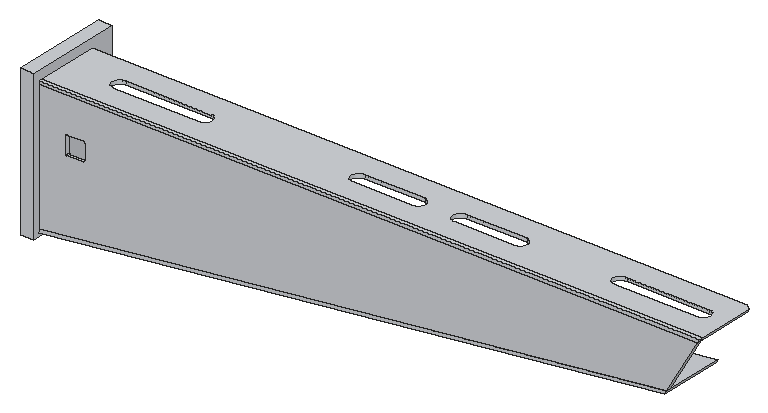
Revit family "Ausleger, Wand-und Stielausleger AW30 31 FT,FT SO,A2,A4", category Generic Models, Revit 2017
Family settings
  Can host rebar = No
  Round Connector Dimension = Use Diameter
  Part Type = Normal
  Work Plane-Based = No
  Always vertical = Yes
  Cut with Voids When Loaded = No
  Shared = No
  Room Calculation Point = No
Parameters (values of type "AW 30 31 A4")
  Width = 50 mm
  URL = "http://www.obo-bettermann.com"
  Material = Stainless steel, material A4
  Manufacturer Art.No. = "6443621"
  Manufacturer = "OBO Bettermann"
  Length = 310 mm
  Height 1 = 29.5 mm
  Height = 80 mm
  GTIN = "4012196955879"
  Article Type = "AW 30 31 A4"
Types (5, lengths in mm): name | Material | Manufacturer Art.No. | GTIN | Article Type
  (no name) | Stainless steel, material A4 | "6443621" | "4012196955879" | "AW 30 31 A4"
  AW 30 31 FT | Hot-dip galvanised | "6419747" | "4012196206773" | "AW 30 31 FT"
  AW 30 31 FT SO | Hot-dip galvanised 85 µm | "7192038" | "4012196072316" | "AW 30 31 FT SO"
  AW 30 31 A2 | Stainless steel, material A2 | "6442854" | "4012196209118" | "AW 30 31 A2"
  AW 30 31 A4 | Stainless steel, material A4 | "6443621" | "4012196955879" | "AW 30 31 A4"
Reference planes
  plane 1 "Center (Front/Back)": y = 0
  plane 2: z = 0
  plane 3 "Center (Left/Right)": x = 0
  plane 4: y = -14.219
  plane 5: y = -14.219
  plane 6: z = 55
  plane 7: z = 45
  plane 8: x = 311.444
  plane 9: y = -32.449
  plane 10: x = 17.5
  plane 11: z = 53.5
  plane 12: y = -1.449
  plane 13: x = 21.785
  plane 14: x = 68.785
  plane 15: x = 133.785
  plane 16: x = 166.5
  plane 17: x = 181.5
  plane 18: x = 216.5
  plane 19: x = 256.5
  plane 20: x = 302
  plane 21: y = -16.449
  plane 22: y = -33.719
  plane 23: z = 76
  plane 24: z = 74.5
  plane 25: y = -18.719
  plane 26: through (303.081, 0, 50.365) normal (-0.9659, 0, 0.2588)
  plane 27: through (309.978, 0, 76.003) normal (-0.9659, 0, 0.2588)
  plane 28: z = 47.709
  plane 29: z = 49.133
Forms (mm)
  Extrusion 1, solid
    sketch origin (4.134, 0, 0) x (1, 0, 0) y (0, 1, 0)
      loop
        line (-10.615, 10.781) -> (-10.615, -34.949) -> (-4.134, -34.949) -> (-4.134, 10.781) -> (-10.615, 10.781)
    from 10.051 to 80
  Extrusion 2, void
    sketch origin (0, 0, 0) x (0, 1, 0) y (0, 0, 1)
      loop
        line (-7.719, 51.5) -> (-7.719, 58.5)
        arc (-7.719, 58.5) -> (-14.219, 65) -> (-20.719, 58.5) r 6.5
        line (-20.719, 58.5) -> (-20.719, 51.5)
        arc (-20.719, 51.5) -> (-14.219, 45) -> (-7.719, 51.5) r 6.5
    from -6.481 to 0
  Extrusion 3, solid
    sketch origin (0, 0, 11.125) x (1, 0, 0) y (0, 0, 1)
      loop
        line (0, 2.563) -> (303.081, 39.24) -> (309.95, 64.875) -> (0, 64.875) -> (0, 2.563)
    from 32.449 to 30.949
  Extrusion 4, solid
    sketch origin (0, 0, 0) x (1, 0, 0) y (0, 0, 1)
      loop
        line (0, 74.5) -> (310, 74.5) -> (310, 76) -> (0, 76) -> (0, 74.5)
    from 1.449 to 32.449
  Extrusion 5, void
    sketch origin (0, 0, 0) x (1, 0, 0) y (0, 0, 1)
      loop
        arc (13.5, 58) -> (13.146, 57.854) -> (13, 57.5) r 0.5
        line (13, 57.5) -> (13, 49.5)
        arc (13, 49.5) -> (13.146, 49.146) -> (13.5, 49) r 0.5
        line (13.5, 49) -> (21.5, 49)
        arc (21.5, 49) -> (21.854, 49.146) -> (22, 49.5) r 0.5
        line (22, 49.5) -> (22, 57.5)
        arc (22, 57.5) -> (21.854, 57.854) -> (21.5, 58) r 0.5
        line (21.5, 58) -> (13.5, 58)
    from 32.449 to 30.949
  Extrusion 6, void
    sketch origin (0, 0, 0) x (1, 0, 0) y (0, 1, 0)
      loop
        arc (137.282, -12.949) -> (133.782, -16.449) -> (137.282, -19.949) r 3.5
        line (137.282, -19.949) -> (165.285, -19.949)
        arc (165.285, -19.949) -> (168.785, -16.449) -> (165.285, -12.949) r 3.5
        line (165.285, -12.949) -> (137.282, -12.949)
      loop
        arc (185.016, -12.949) -> (181.516, -16.449) -> (185.016, -19.949) r 3.5
        line (185.016, -19.949) -> (213, -19.949)
        arc (213, -19.949) -> (216.5, -16.449) -> (213, -12.949) r 3.5
        line (213, -12.949) -> (185.016, -12.949)
      loop
        arc (260.004, -12.949) -> (256.504, -16.449) -> (260.004, -19.949) r 3.5
        line (260.004, -19.949) -> (298.486, -19.949)
        arc (298.486, -19.949) -> (301.986, -16.449) -> (298.486, -12.949) r 3.5
        line (298.486, -12.949) -> (260.004, -12.949)
      loop
        arc (25.323, -12.949) -> (21.823, -16.449) -> (25.323, -19.949) r 3.5
        line (25.323, -19.949) -> (65.285, -19.949)
        arc (65.285, -19.949) -> (68.785, -16.449) -> (65.285, -12.949) r 3.5
        line (65.285, -12.949) -> (25.323, -12.949)
    from 74.5 to 76
  Extrusion 7, void
    sketch origin (-3.785, -0.315, 0) x (1, 0, 0) y (0, 1, 0)
      loop
        line (310.965, -1.134) -> (313.785, -3.953) -> (313.785, -1.134) -> (310.965, -1.134)
    from 74.5 to 76
  Extrusion 8, void
    sketch origin (0, 0, 0) x (1, 0, 0) y (0, 0, 1)
      loop
        line (309.95, 76) -> (292.388, 45.582) -> (302.115, 46.759) -> (309.95, 76)
    from 1.449 to 32.449
  Extrusion 9, void
    sketch origin (0, 0, 0) x (1, 0, 0) y (0, 0, 1)
      loop
        line (310, 76.086) -> (309.084, 74.5) -> (310, 74.5) -> (310, 76.086)
    from 1.449 to 32.449
  Extrusion 10, solid
    sketch origin (0, 0, 0) x (1, 0, 0) y (0, 0, 1)
      loop
        line (0, 13.688) -> (0.183, 12.199) -> (293.616, 47.709) -> (294.554, 49.333) -> (0, 13.688)
    from 2.949 to 32.449
Cuts and joins
  Extrusion 2 cuts Extrusion 1
  Extrusion 5, Extrusion 8, Extrusion 9 cuts Extrusion 3
  Extrusion 6, Extrusion 7, Extrusion 8, Extrusion 9 cuts Extrusion 4
  Extrusion 7 cuts Extrusion 10
Dimensions and locks
  Extrusion 1 sketch curve to Extrusion 1 sketch curve = 45.73 mm
  Extrusion 1 to Extrusion 1 = 69.949 mm
  locked: Extrusion 1 to plane 4 at 25
  locked: Extrusion 1 to plane 6 at 25
  Extrusion 2 sketch curve to Extrusion 2 sketch curve = 13 mm
  locked: plane 5 to Extrusion 2 sketch curve at 6.5
  locked: Extrusion 2 sketch curve to plane 5 at 6.5
  locked: Extrusion 1 to Extrusion 2 sketch curve at 35
  locked: Extrusion 2 sketch curve to plane 6 at 10
  Extrusion 2 sketch curve to plane 7 = 20 mm
  Extrusion 3 sketch curve to Extrusion 3 sketch curve = 61.86 mm
  locked: cut or joined group of Extrusion 1, Extrusion 2 to Extrusion 3 at 3.637
  locked: cut or joined group of Extrusion 1, Extrusion 2 to Extrusion 3 at 4
  cut or joined group of Extrusion 1, Extrusion 2 to Extrusion 4 = 310 mm
  locked: Extrusion 4 to Extrusion 4 at 1.5
  locked: Extrusion 5 sketch curve to Extrusion 5 sketch curve at 9
  locked: plane 10 to Extrusion 5 sketch curve at 4.5  (x2)
  cut or joined group of Extrusion 3, Extrusion 5, Extrusion 8, Extrusion 9 to Extrusion 4 = 16.5 mm
  locked: cut or joined group of Extrusion 1, Extrusion 2 to cut or joined group of Extrusion 3, Extrusion 5, Extrusion 8, Extrusion 9 at 38.949
  cut or joined group of Extrusion 1, Extrusion 2 to plane 13 = 21.785 mm
  locked: plane 13 to plane 14 at 47
  locked: plane 14 to plane 15 at 65
  Extrusion 6 sketch curve to Extrusion 6 sketch curve = 7 mm
  plane 15 to Extrusion 6 sketch curve = 35 mm
  locked: plane 16 to plane 17 at 15
  plane 17 to Extrusion 6 sketch curve = 35 mm
  locked: plane 18 to plane 19 at 40
  locked: plane 20 to cut or joined group of Extrusion 4, Extrusion 6, Extrusion 7, Extrusion 8, Extrusion 9 at 8
  locked: cut or joined group of Extrusion 4, Extrusion 6, Extrusion 7, Extrusion 8, Extrusion 9 to plane 21 at 15
  locked: plane 21 to Extrusion 6 sketch curve at 3.5  (x2)
  locked: cut or joined group of Extrusion 1, Extrusion 2 to cut or joined group of Extrusion 1, Extrusion 2 at 6.481
  locked: cut or joined group of Extrusion 1, Extrusion 2 to cut or joined group of Extrusion 3, Extrusion 5, Extrusion 8, Extrusion 9 at 4
  locked: cut or joined group of Extrusion 1, Extrusion 2 to cut or joined group of Extrusion 4, Extrusion 6, Extrusion 7, Extrusion 8, Extrusion 9 at 4
  "Length": cut or joined group of Extrusion 1, Extrusion 2 to cut or joined group of Extrusion 4, Extrusion 6, Extrusion 7, Extrusion 8, Extrusion 9
  "Height 1": cut or joined group of Extrusion 4, Extrusion 6, Extrusion 7, Extrusion 8, Extrusion 9 to cut or joined group of Extrusion 3, Extrusion 5, Extrusion 8, Extrusion 9
  cut or joined group of Extrusion 7, Extrusion 10 to cut or joined group of Extrusion 3, Extrusion 5, Extrusion 8, Extrusion 9 = 29.5 mm
  cut or joined group of Extrusion 4, Extrusion 6, Extrusion 7, Extrusion 8, Extrusion 9 to cut or joined group of Extrusion 4, Extrusion 6, Extrusion 7, Extrusion 8, Extrusion 9 = 31 mm
  "Height 1": cut or joined group of Extrusion 7, Extrusion 10 to cut or joined group of Extrusion 3, Extrusion 5, Extrusion 8, Extrusion 9
  locked: level to Extrusion 3 sketch curve (angle 6.90°)
  locked: Extrusion 3 sketch curve to plane 8 (angle 15.00°)
  locked: cut or joined group of Extrusion 4, Extrusion 6, Extrusion 7, Extrusion 8, Extrusion 9 to Extrusion 7 sketch curve (angle 45.00°)
  locked: Extrusion 8 sketch curve to cut or joined group of Extrusion 3, Extrusion 5, Extrusion 8, Extrusion 9 (angle 15.00°)
  angle plane 27 to cut or joined group of Extrusion 3, Extrusion 5, Extrusion 8, Extrusion 9 = 15.00°
  angle Extrusion 10 sketch curve to cut or joined group of Extrusion 1, Extrusion 2 = 7.00°
  angle Extrusion 10 sketch curve to cut or joined group of Extrusion 3, Extrusion 5, Extrusion 8, Extrusion 9 = 53.10°
  aligned and locked: level to plane 2
  aligned and locked: Extrusion 4 to plane 12
  aligned and locked: Extrusion 6 sketch curve to Extrusion 6 sketch curve  (x3)
  aligned and locked: Extrusion 1 to Extrusion 2  (x2)
  aligned and locked: plane 3 "Center (Left/Right)" to cut or joined group of Extrusion 1, Extrusion 2
  aligned and locked: Extrusion 3 to plane 3 "Center (Left/Right)"
  aligned and locked: Extrusion 4 to plane 3 "Center (Left/Right)"
  aligned and locked: Extrusion 5 to Extrusion 3  (x2)
  aligned and locked: Extrusion 4 to Extrusion 6  (x2)
  aligned and locked: Extrusion 4 to Extrusion 7
  aligned and locked: Extrusion 7 to Extrusion 4  (x2)
  aligned and locked: Extrusion 4 to plane 24
  aligned and locked: Extrusion 4 to cut or joined group of Extrusion 3, Extrusion 5, Extrusion 8, Extrusion 9
  aligned and locked: cut or joined group of Extrusion 3, Extrusion 5, Extrusion 8, Extrusion 9 to Extrusion 4
  aligned and locked: plane 3 "Center (Left/Right)" to Extrusion 1
  aligned and locked: Extrusion 8 to cut or joined group of Extrusion 4, Extrusion 6, Extrusion 7, Extrusion 8, Extrusion 9
  aligned and locked: Extrusion 3 to Extrusion 8
  aligned and locked: Extrusion 9 to cut or joined group of Extrusion 4, Extrusion 6, Extrusion 7, Extrusion 8, Extrusion 9
  aligned and locked: plane 28 to Extrusion 10
  aligned and locked: plane 9 to cut or joined group of Extrusion 4, Extrusion 6, Extrusion 7, Extrusion 8, Extrusion 9
  aligned and locked: Extrusion 10 to cut or joined group of Extrusion 3, Extrusion 5, Extrusion 8, Extrusion 9
  aligned and locked: cut or joined group of Extrusion 7, Extrusion 10 to cut or joined group of Extrusion 3, Extrusion 5, Extrusion 8, Extrusion 9
Automatic sketch dimensions
  Extrusion 1 sketch curve to plane 3 "Center (Left/Right)" = 6.481 mm
  plane 3 "Center (Left/Right)" to Extrusion 1 sketch curve = 0 mm
  plane 9 to Extrusion 1 sketch curve = 2.5 mm
  plane 3 "Center (Left/Right)" to Extrusion 3 sketch curve = 0 mm
  Extrusion 3 sketch curve to plane 8 = 8.363 mm
  level to Extrusion 3 sketch curve = 13.688 mm
  plane 3 "Center (Left/Right)" to Extrusion 4 sketch curve = 0 mm
  plane 6 to Extrusion 4 sketch curve = 21 mm
  Extrusion 4 sketch curve to Extrusion 4 sketch curve = 310 mm
  Extrusion 4 sketch curve to Extrusion 4 sketch curve = 1.5 mm
  Extrusion 5 sketch curve to Extrusion 5 sketch curve = 0.5 mm  (x4)
  Extrusion 5 sketch curve to plane 11 = 4.5 mm
  Extrusion 6 sketch curve to plane 21 = 0 mm  (x2)
  plane 15 to Extrusion 6 sketch curve = 3.498 mm
  Extrusion 6 sketch curve to plane 14 = 3.5 mm
  plane 13 to Extrusion 6 sketch curve = 3.538 mm
  plane 17 to Extrusion 6 sketch curve = 3.516 mm
  plane 19 to Extrusion 6 sketch curve = 3.504 mm
  Extrusion 6 sketch curve to plane 20 = 3.514 mm
  Extrusion 7 sketch curve to plane 12 = 0 mm
  plane 10 to Extrusion 7 sketch curve = 289.68 mm
  Extrusion 7 sketch curve to plane 12 = 2.82 mm
  Extrusion 8 sketch curve to plane 26 = 0 mm  (x2)
  Extrusion 8 sketch curve to plane 23 = 0 mm
  Extrusion 8 sketch curve to plane 11 = 7.918 mm
  Extrusion 8 sketch curve to plane 11 = 6.741 mm
  Extrusion 9 sketch curve to plane 24 = 0 mm
  plane 23 to Extrusion 9 sketch curve = 0.086 mm
  plane 10 to Extrusion 9 sketch curve = 292.5 mm
  Extrusion 9 sketch curve to Extrusion 9 sketch curve = 0.916 mm
  Extrusion 10 sketch curve to plane 3 "Center (Left/Right)" = 0 mm
  plane 3 "Center (Left/Right)" to Extrusion 10 sketch curve = 0.183 mm
  Extrusion 10 sketch curve to plane 11 = 4.167 mm
  plane 10 to Extrusion 10 sketch curve = 277.054 mm
  level to Extrusion 10 sketch curve = 13.688 mm
  Extrusion 10 sketch curve to Extrusion 10 sketch curve = 0.938 mm
